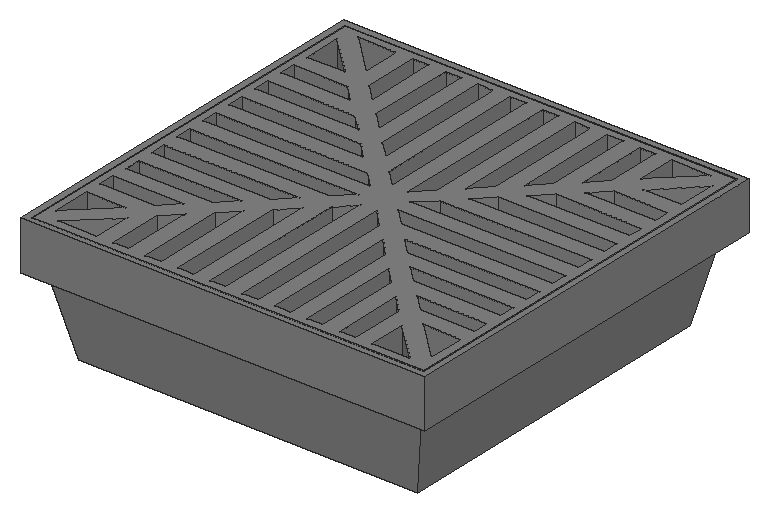
Revit family "PX_SEQ_Grate&Housing-250x250_PC033100", category Plumbing Fixtures, Revit 2016
Family settings
  Part Type = Normal
  Round Connector Dimension = Use Diameter
  Work Plane-Based = No
  Always vertical = Yes
  Cut with Voids When Loaded = No
  Shared = No
  Room Calculation Point = No
Parameters (values of type "RainDrain Nylon Grate & Housing")
  URL for TCP = "http://www.tcpbim.co.za"
  URL = "https://seaqual.co.za/collections/external-surface-drains/products/raindrain-nylon-clay-brown"
  Type Comments = "RainDrain Grate & Housing"
  Plastic Black = Plastic Black
  Model = "033100"
  Manufacturer = "Seaqual"
  Made by = "Tolani Civil Projects cc"
  ASAQS Code = "6.605.10"
Reference planes
  plane 1 "Center (Front/Back)": y = 0
  plane 2: z = 0
  plane 3 "Center (Left/Right)": x = 0
  plane 4: y = 125
  plane 5: y = -125
  plane 6: x = -125
  plane 7: x = 125
  plane 8: x = -121
  plane 9: x = -75
  plane 10: x = -116
  plane 11: z = 5
  plane 12: z = -25
  plane 13: z = -75
  plane 14: z = -71
  plane 15: z = -21
  plane 16: x = -105
  plane 17: x = -77
  plane 18: x = 45
  plane 19: x = 43
  plane 20: x = 121
  plane 21: x = 121
  plane 22: x = 112
  plane 23: y = 121
  plane 24: y = 121
  plane 25: y = 112
  plane 26: x = 5
  plane 27: x = 15
  plane 28: x = 25
  plane 29: x = 35
  plane 30: x = 45
  plane 31: x = 55
  plane 32: x = 65
  plane 33: x = 75
  plane 34: through (0, 0, 1200) normal (0.7071, -0.7071, 0)
  plane 35: through (-3.536, 3.536, 1200) normal (0.7071, -0.7071, 0)
  plane 36: through (3.536, -3.536, 1200) normal (0.7071, -0.7071, 0)
  plane 37: through (0.117, -0.657, 1200) normal (0.7071, 0.7071, 0)
  plane 38: through (11.89, -19.502, 1200) normal (0.7071, 0.7071, 0)
  plane 39: through (18.962, -12.431, 1200) normal (0.7071, 0.7071, 0)
  plane 40: y = 5
  plane 41: y = -5
  plane 42: y = -15
  plane 43: y = -25
  plane 44: y = -35
  plane 45: y = -45
  plane 46: y = -55
  plane 47: y = -65
  plane 48: y = -75
  plane 49: y = 15
  plane 50: y = 25
  plane 51: y = 35
  plane 52: y = 45
  plane 53: y = 55
  plane 54: y = 65
  plane 55: y = 75
  plane 56: y = -85
  plane 57: y = -95
  plane 58: x = 102
  plane 59: y = 85
  plane 60: y = 95
  plane 61: x = 85
  plane 62: x = 95
  plane 63: y = 125
  plane 64: x = -125
  plane 65: x = -121
  plane 66: x = -112
  plane 67: y = 121
  plane 68: y = 121
  plane 69: y = 112
  plane 70: x = -5
  plane 71: x = -15
  plane 72: x = -25
  plane 73: x = -35
  plane 74: x = -45
  plane 75: x = -55
  plane 76: x = -65
  plane 77: x = -75
  plane 78: through (0, 0, 1200) normal (0.7071, 0.7071, 0)
  plane 79: through (3.536, 3.536, 1200) normal (0.7071, 0.7071, 0)
  plane 80: through (-3.536, -3.536, 1200) normal (0.7071, 0.7071, 0)
  plane 81: x = -102
  plane 82: x = -85
  plane 83: x = -95
Forms (mm)
  Sweep 1, solid, material "Plastic Black" <- "Plastic Black"
    path origin (0, 0, 0) x (1, 0, 0) y (0, 1, 0)
      loop
        line (-125, 125) -> (-125, -125) -> (125, -125) -> (125, 125) -> (-125, 125)
    profile origin (-125, 0, 0) x (-1, 0, 0) y (0, 0, 1)
      loop
        line (0, 5) -> (-4, 5) -> (-4, -21) -> (-12.216, -21) -> (-23.216, -71) -> (-50, -71) -> (-50, -75) -> (-20, -75) -> (-9, -25) -> (0, -25) -> (0, 5)
  Revolve 2, solid, material "Plastic Black"
    sketch origin (0, 0, 11.286) x (1, 0, 0) y (0, 0, 1)
      loop
        line (48, -126.286) -> (48, -82.218) -> (45, -82.218) -> (45, -126.286) -> (48, -126.286)
      axis (0, -82.218) -> (0, -126.286)
    angle from 0 to 360
  Extrusion 3, solid, material "Plastic Black" <- "Plastic Black"
    sketch origin (0, 0, 0) x (1, 0, 0) y (0, 1, 0)
      loop
        line (-75, 75) -> (-75, -75) -> (75, -75) -> (75, 75) -> (-75, 75)
    from -75 to -71
  Extrusion 4, void
    sketch origin (0, 0, 0) x (1, 0, 0) y (0, 1, 0)
      loop
        circle (0, 0) r 43
    from -75 to -71
  Extrusion 5, solid, material "Plastic Black"
    sketch origin (0, 0, 0) x (1, 0, 0) y (0, 1, 0)
      loop
        line (-121, 121) -> (-121, -121) -> (121, -121) -> (121, 121) -> (-121, 121)
    from -21 to 5
  Sweep 6, solid, material "Plastic Black" <- "Plastic Black"
    path origin (0, 0, 0) x (-1, 0, 0) y (0, 1, 0)
      loop
        line (-125, 125) -> (-125, -125) -> (125, -125) -> (125, 125) -> (-125, 125)
    profile origin (125, 0, 0) x (-1, 0, 0) y (0, 0, 1)
      loop
        line (0, 5) -> (0, -25) -> (9, -25) -> (20, -75) -> (50, -75) -> (50, -71) -> (23.216, -71) -> (12.216, -21) -> (4, -21) -> (4, 5) -> (0, 5)
  Extrusion 7, solid, material "Plastic Black" <- "Plastic Black"
    sketch origin (0, 0, 0) x (-1, 0, 0) y (0, -1, 0)
      loop
        line (-75, -75) -> (75, -75) -> (75, 75) -> (-75, 75) -> (-75, -75)
    from -75 to -71
  Extrusion 8, void
    sketch origin (0, 0, 0) x (-1, 0, 0) y (0, -1, 0)
      loop
        circle (0, 0) r 43
    from -75 to -71
  Extrusion 9, void
    sketch origin (0, 0, 0) x (1, 0, 0) y (0, 1, 0)
      loop
        line (116, 5) -> (116, 15) -> (22.071, 15) -> (12.071, 5) -> (116, 5)
      loop
        line (116, 25) -> (116, 35) -> (42.071, 35) -> (32.071, 25) -> (116, 25)
      loop
        line (116, 45) -> (116, 55) -> (62.071, 55) -> (52.071, 45) -> (116, 45)
      loop
        line (116, 65) -> (116, 75) -> (82.071, 75) -> (72.071, 65) -> (116, 65)
      loop
        line (116, 85) -> (116, 108.929) -> (92.071, 85) -> (116, 85)
      loop
        line (116, -5) -> (12.071, -5) -> (22.071, -15) -> (116, -15) -> (116, -5)
      loop
        line (116, -25) -> (32.071, -25) -> (42.071, -35) -> (116, -35) -> (116, -25)
      loop
        line (51.53, -45) -> (61.53, -55) -> (116, -55) -> (116, -45) -> (51.53, -45)
      loop
        line (116, -65) -> (72.071, -65) -> (82.071, -75) -> (116, -75) -> (116, -65)
      loop
        line (92.071, -85) -> (116, -108.929) -> (116, -85) -> (92.071, -85)
      loop
        line (15, -116) -> (15, -22.071) -> (5, -12.071) -> (5, -116) -> (15, -116)
      loop
        line (25, -116) -> (35, -116) -> (35, -42.612) -> (25, -32.612) -> (25, -116)
      loop
        line (45, -116) -> (55, -116) -> (55, -62.612) -> (45, -52.612) -> (45, -116)
      loop
        line (65, -116) -> (75, -116) -> (75, -82.612) -> (65, -72.612) -> (65, -116)
      loop
        line (85, -116) -> (108.388, -116) -> (85, -92.612) -> (85, -116)
      loop
        line (-5, -116) -> (-5, -12.071) -> (-15, -22.071) -> (-15, -116) -> (-5, -116)
      loop
        line (-25, -116) -> (-25, -32.071) -> (-35, -42.071) -> (-35, -116) -> (-25, -116)
      loop
        line (-45, -116) -> (-45, -52.071) -> (-55, -62.071) -> (-55, -116) -> (-45, -116)
      loop
        line (-65, -116) -> (-65, -72.071) -> (-75, -82.071) -> (-75, -116) -> (-65, -116)
      loop
        line (-85, -116) -> (-85, -92.071) -> (-108.929, -116) -> (-85, -116)
      loop
        line (5, 116) -> (5, 12.071) -> (15, 22.071) -> (15, 116) -> (5, 116)
      loop
        line (25, 116) -> (25, 32.071) -> (35, 42.071) -> (35, 116) -> (25, 116)
      loop
        line (45, 116) -> (45, 52.071) -> (55, 62.071) -> (55, 116) -> (45, 116)
      loop
        line (65, 116) -> (65, 72.071) -> (75, 82.071) -> (75, 116) -> (65, 116)
      loop
        line (85, 116) -> (85, 92.071) -> (108.929, 116) -> (85, 116)
      loop
        line (-5, 116) -> (-15, 116) -> (-15, 22.071) -> (-5, 12.071) -> (-5, 116)
      loop
        line (-25, 116) -> (-35, 116) -> (-35, 42.071) -> (-25, 32.071) -> (-25, 116)
      loop
        line (-45, 116) -> (-55, 116) -> (-55, 62.071) -> (-45, 52.071) -> (-45, 116)
      loop
        line (-65, 116) -> (-75, 116) -> (-75, 81.53) -> (-65, 71.53) -> (-65, 116)
      loop
        line (-85, 116) -> (-108.929, 116) -> (-85, 92.071) -> (-85, 116)
      loop
        line (-116, -5) -> (-116, -15) -> (-22.071, -15) -> (-12.071, -5) -> (-116, -5)
      loop
        line (-116, -25) -> (-116, -35) -> (-42.071, -35) -> (-32.071, -25) -> (-116, -25)
      loop
        line (-116, -45) -> (-116, -55) -> (-62.071, -55) -> (-52.071, -45) -> (-116, -45)
      loop
        line (-116, -65) -> (-116, -75) -> (-82.071, -75) -> (-72.071, -65) -> (-116, -65)
      loop
        line (-116, -85) -> (-116, -108.929) -> (-92.071, -85) -> (-116, -85)
      loop
        line (-116, 5) -> (-12.071, 5) -> (-22.071, 15) -> (-116, 15) -> (-116, 5)
      loop
        line (-116, 25) -> (-32.612, 25) -> (-42.612, 35) -> (-116, 35) -> (-116, 25)
      loop
        line (-116, 45) -> (-52.071, 45) -> (-62.071, 55) -> (-116, 55) -> (-116, 45)
      loop
        line (-116, 65) -> (-72.612, 65) -> (-82.612, 75) -> (-116, 75) -> (-116, 65)
      loop
        line (-116, 85) -> (-92.612, 85) -> (-116, 108.388) -> (-116, 85)
    from -25 to 5
Cuts and joins
  Extrusion 8 cuts Sweep 1
  Extrusion 4, Extrusion 8 cuts Extrusion 3
  Extrusion 8 cuts Extrusion 7
  joined: Sweep 1, Extrusion 3, Sweep 6, Extrusion 7
  Extrusion 9 cuts Extrusion 5
Dimensions and locks
  plane 6 to plane 3 "Center (Left/Right)" to plane 7 = 125 mm locked, 125 mm locked
  plane 6 to plane 8 to plane 10 to plane 9 to plane 3 "Center (Left/Right)" = 4 mm locked, 5 mm locked, 41 mm, 75 mm
  plane 3 "Center (Left/Right)" to plane 9 to plane 16 to plane 10 to plane 8 to plane 6 = 75 mm, 30 mm, 11 mm, 5 mm, 4 mm
  plane 6 to plane 8 to plane 10 to plane 16 to plane 9 to plane 3 "Center (Left/Right)" = 4 mm, 5 mm, 11 mm, 30 mm, 75 mm
  Sweep 1 sketch curve to Sweep 1 sketch curve = 4 mm
  plane 3 "Center (Left/Right)" to plane 26 to plane 27 to plane 28 to plane 29 to plane 30 to plane 31 to plane 32 to plane 33 to plane 58 to plane 22 to plane 21 = 5 mm locked, 10 mm locked, 10 mm locked, 10 mm locked, 10 mm locked, 10 mm locked, 10 mm locked, 10 mm locked, 27 mm locked, 10 mm locked, 9 mm locked
  equal spacing: plane 60, plane 59, plane 55, plane 54, plane 53, plane 52, plane 51, plane 50, plane 49, plane 40, plane 41, plane 42, plane 43, plane 44, plane 45, plane 46, plane 47, plane 48, plane 56, plane 57, locked at 10 each
  locked: plane 3 "Center (Left/Right)" to plane 64 at 125
  Sweep 6 sketch curve to Sweep 6 sketch curve = 4 mm
  plane 3 "Center (Left/Right)" to plane 70 to plane 71 to plane 72 to plane 73 to plane 74 to plane 75 to plane 76 to plane 77 to plane 81 to plane 66 to plane 65 = 5 mm locked, 10 mm locked, 10 mm locked, 10 mm locked, 10 mm locked, 10 mm locked, 10 mm locked, 10 mm locked, 27 mm locked, 10 mm locked, 9 mm locked
  plane 11 to plane 12 to Sweep 6 = 30 mm, 50 mm
  locked: Sweep 6 to Revolve 2 at 40
  plane 11 to plane 12 = 30 mm
  locked: plane 11 to level at 5
  locked: plane 15 to plane 12 at 4
  locked: plane 12 to plane 13 at 50
  locked: plane 14 to plane 13 at 4
  plane 74 to plane 3 "Center (Left/Right)" = 45 mm
  aligned and locked: level to plane 2
  aligned and locked: Sweep 1 sketch curve to plane 5
  aligned and locked: plane 6 to Sweep 1 sketch curve
  aligned and locked: Sweep 1 sketch curve to plane 4
  aligned and locked: Sweep 1 sketch curve to plane 7
  aligned and locked: profile plane to Sweep 1 sketch curve
  aligned and locked: plane 11 to Sweep 1 sketch curve
  aligned and locked: plane 12 to Sweep 1 sketch curve
  aligned and locked: Sweep 1 sketch curve to profile plane
  aligned and locked: plane 8 to Sweep 1 sketch curve
  aligned and locked: plane 13 to Sweep 1 sketch curve
  aligned and locked: plane 14 to Sweep 1 sketch curve
  aligned and locked: Sweep 1 sketch curve to plane 9
  aligned and locked: Sweep 1 sketch curve to plane 14
  aligned and locked: plane 15 to Sweep 1 sketch curve  (x2)
  aligned and locked: plane 18 to Revolve 2 sketch curve
  aligned and locked: Revolve 2 sketch curve to plane 3 "Center (Left/Right)"
  aligned and locked: Extrusion 3 sketch curve to Sweep 1  (x4)
  aligned and locked: plane 14 to Extrusion 3
  aligned and locked: Extrusion 4 to plane 13
  aligned and locked: plane 14 to Extrusion 4
  aligned and locked: plane 21 to plane 20
  aligned and locked: Extrusion 5 to plane 15
  aligned and locked: plane 63 to Sweep 6 sketch curve
  aligned and locked: plane 64 to Sweep 6 sketch curve
  aligned and locked: profile plane to Sweep 6 sketch curve
  aligned and locked: Sweep 6 sketch curve to profile plane
  aligned and locked: Extrusion 7 sketch curve to Sweep 6  (x4)
  aligned and locked: plane 40 to Extrusion 9 sketch curve
  aligned and locked: Extrusion 9 sketch curve to plane 49
  aligned and locked: plane 36 to Extrusion 9 sketch curve  (x7)
  aligned and locked: Extrusion 9 sketch curve to plane 50
  aligned and locked: Extrusion 9 sketch curve to plane 51
  aligned and locked: Extrusion 9 sketch curve to plane 36  (x6)
  aligned and locked: plane 53 to Extrusion 9 sketch curve
  aligned and locked: plane 52 to Extrusion 9 sketch curve
  aligned and locked: Extrusion 9 sketch curve to plane 54
  aligned and locked: Extrusion 9 sketch curve to plane 55
  aligned and locked: Extrusion 9 sketch curve to plane 59
  aligned and locked: plane 41 to Extrusion 9 sketch curve
  aligned and locked: plane 42 to Extrusion 9 sketch curve
  aligned and locked: Extrusion 9 sketch curve to plane 79  (x2)
  aligned and locked: plane 44 to Extrusion 9 sketch curve
  aligned and locked: plane 43 to Extrusion 9 sketch curve
  aligned and locked: plane 39 to Extrusion 9 sketch curve
  aligned and locked: plane 45 to Extrusion 9 sketch curve  (x2)
  aligned and locked: Extrusion 9 sketch curve to plane 46
  aligned and locked: Extrusion 9 sketch curve to plane 39
  aligned and locked: plane 47 to Extrusion 9 sketch curve  (x2)
  aligned and locked: plane 48 to Extrusion 9 sketch curve
  aligned and locked: plane 79 to Extrusion 9 sketch curve
  aligned and locked: Extrusion 9 sketch curve to plane 56
  aligned and locked: plane 27 to Extrusion 9 sketch curve
  aligned and locked: plane 26 to Extrusion 9 sketch curve
  aligned and locked: plane 28 to Extrusion 9 sketch curve
  aligned and locked: plane 29 to Extrusion 9 sketch curve
  aligned and locked: plane 30 to Extrusion 9 sketch curve
  aligned and locked: plane 31 to Extrusion 9 sketch curve
  aligned and locked: plane 32 to Extrusion 9 sketch curve
  aligned and locked: plane 33 to Extrusion 9 sketch curve
  aligned and locked: Extrusion 9 sketch curve to plane 38
  aligned and locked: plane 70 to Extrusion 9 sketch curve
  aligned and locked: Extrusion 9 sketch curve to plane 71
  aligned and locked: Extrusion 9 sketch curve to plane 73
  aligned and locked: Extrusion 9 sketch curve to plane 72
  aligned and locked: Extrusion 9 sketch curve to plane 75
  aligned and locked: plane 76 to Extrusion 9 sketch curve
  aligned and locked: plane 9 to Extrusion 9 sketch curve
  aligned and locked: Extrusion 9 sketch curve to plane 82
  aligned and locked: Extrusion 9 sketch curve to plane 27
  aligned and locked: Extrusion 9 sketch curve to plane 26
  aligned and locked: Extrusion 9 sketch curve to plane 28
  aligned and locked: plane 35 to Extrusion 9 sketch curve
  aligned and locked: Extrusion 9 sketch curve to plane 30
  aligned and locked: Extrusion 9 sketch curve to plane 31
  aligned and locked: Extrusion 9 sketch curve to plane 32
  aligned and locked: Extrusion 9 sketch curve to plane 33
  aligned and locked: Extrusion 9 sketch curve to plane 61
  aligned and locked: plane 73 to Extrusion 9 sketch curve
  aligned and locked: plane 72 to Extrusion 9 sketch curve
  aligned and locked: plane 74 to Extrusion 9 sketch curve
  aligned and locked: Extrusion 9 sketch curve to plane 9
  aligned and locked: plane 82 to Extrusion 9 sketch curve
  aligned and locked: Extrusion 9 sketch curve to plane 10  (x4)
  aligned and locked: plane 46 to Extrusion 9 sketch curve
  aligned and locked: plane 51 to Extrusion 9 sketch curve
  aligned and locked: plane 10 to Extrusion 9 sketch curve  (x2)
  aligned and locked: plane 59 to Extrusion 9 sketch curve
  aligned and locked: plane 11 to Extrusion 9
  aligned and locked: Extrusion 9 to plane 12
Automatic sketch dimensions
  profile plane to Sweep 1 sketch curve = 23.216 mm
  Sweep 1 sketch curve to Sweep 1 sketch curve = 3.216 mm  (x2)
  Sweep 1 sketch curve to Sweep 1 sketch curve = 8.216 mm
  plane 1 "Center (Front/Back)" to Extrusion 4 sketch curve = 0 mm
  Extrusion 4 sketch curve to plane 3 "Center (Left/Right)" = 0 mm
  plane 5 to Sweep 6 sketch curve = 0 mm
  Sweep 6 sketch curve to plane 7 = 0 mm
  Sweep 6 sketch curve to Sweep 6 sketch curve = 5 mm
  Sweep 6 sketch curve to Sweep 6 sketch curve = 3.216 mm  (x2)
  Sweep 6 sketch curve to profile plane = 20 mm
  Sweep 6 sketch curve to Sweep 6 sketch curve = 26.784 mm
  Sweep 6 sketch curve to level = 75 mm
  Sweep 6 sketch curve to Sweep 6 sketch curve = 4 mm  (x2)
  Sweep 6 sketch curve to level = 25 mm
  level to Sweep 6 sketch curve = 5 mm
  plane 1 "Center (Front/Back)" to Extrusion 8 sketch curve = 0 mm
  Extrusion 8 sketch curve to plane 3 "Center (Left/Right)" = 0 mm
  Extrusion 9 sketch curve to plane 10 = 0 mm  (x4)
  plane 79 to Extrusion 9 sketch curve = 0 mm  (x12)
  Extrusion 9 sketch curve to plane 38 = 0 mm  (x12)
  plane 35 to Extrusion 9 sketch curve = 0 mm  (x18)
  Extrusion 9 sketch curve to plane 56 = 0 mm
  Extrusion 9 sketch curve to plane 82 = 0 mm
  plane 55 to Extrusion 9 sketch curve = 0 mm
  Extrusion 9 sketch curve to plane 48 = 0 mm
  plane 54 to Extrusion 9 sketch curve = 0 mm
  Extrusion 9 sketch curve to plane 47 = 0 mm
  plane 39 to Extrusion 9 sketch curve = 0 mm  (x2)
  Extrusion 9 sketch curve to plane 76 = 0 mm
  Extrusion 9 sketch curve to plane 53 = 0 mm
  Extrusion 9 sketch curve to plane 80 = 0 mm  (x6)
  Extrusion 9 sketch curve to plane 75 = 0 mm
  Extrusion 9 sketch curve to plane 52 = 0 mm  (x2)
  Extrusion 9 sketch curve to plane 74 = 0 mm
  Extrusion 9 sketch curve to plane 44 = 0 mm
  plane 50 to Extrusion 9 sketch curve = 0 mm  (x2)
  Extrusion 9 sketch curve to plane 43 = 0 mm
  plane 49 to Extrusion 9 sketch curve = 0 mm  (x2)
  Extrusion 9 sketch curve to plane 42 = 0 mm
  Extrusion 9 sketch curve to plane 71 = 0 mm
  plane 40 to Extrusion 9 sketch curve = 0 mm
  Extrusion 9 sketch curve to plane 41 = 0 mm
  Extrusion 9 sketch curve to plane 70 = 0 mm
  Extrusion 9 sketch curve to plane 29 = 0 mm
  plane 51 to Extrusion 9 sketch curve = 0 mm
  Extrusion 9 sketch curve to plane 61 = 0 mm
  plane 59 to Extrusion 9 sketch curve = 0 mm
  Extrusion 9 sketch curve to plane 36 = 0 mm  (x2)
  Extrusion 9 sketch curve to plane 66 = 3.071 mm  (x2)
  Extrusion 9 sketch curve to plane 25 = 3.071 mm
  plane 22 to Extrusion 9 sketch curve = 4 mm  (x9)
  Extrusion 9 sketch curve to plane 5 = 9 mm  (x8)
  plane 25 to Extrusion 9 sketch curve = 4 mm  (x8)
  Extrusion 5 sketch curve to plane 8 = 0 mm
  Extrusion 5 sketch curve to plane 20 = 0 mm
  plane 34 to Extrusion 5 sketch curve = 0 mm
  Extrusion 5 sketch curve to plane 23 = 0 mm
  Extrusion 9 sketch curve to plane 22 = 3.612 mm
  Extrusion 9 sketch curve to plane 22 = 3.071 mm
  plane 18 to Revolve 2 sketch curve = 3 mm
  Revolve 2 sketch curve to plane 13 = 40 mm
  plane 14 to Revolve 2 sketch curve = 0.067 mm
  Revolve 2 sketch curve to Revolve 2 sketch curve = 239.759 mm
  plane 11 to Revolve 2 sketch curve = 2220.601 mm
  radius of Extrusion 4 sketch curve = 43 mm
  radius of Extrusion 8 sketch curve = 43 mm
Connectors
  piping at (0, 0, -115), diameter 110
    settings: on Revolve 2, index 1, connector inside diameter 609.6 mm, connector length 0 mm, flow factor 0, pipe flow 0.0 L/s, pressure drop 0.0 Pa, fitting loss kfactor 0, connector angle 0.00°, fixture units 0, engagement length 0 mm, angle of deflection 0.00°, flow configuration 0, flow direction 0, fitting loss method 0, system type 16, joint type 0, gender type 0, connector reference index -1, connector utility 0, adjustable connector no, is connector primary yes, connector description ""
